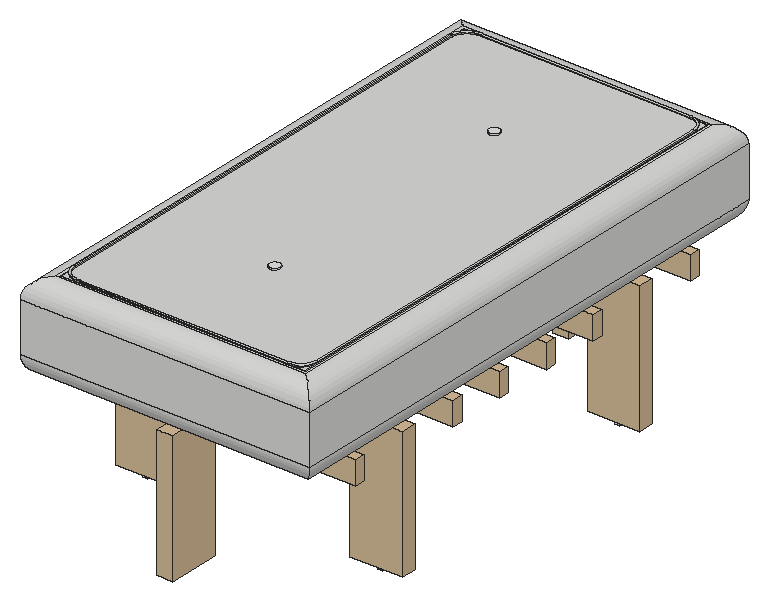
Revit family "PUFF M.A. 105CM", category Mobiliário, Revit 2024
Family settings
  Com base no plano de trabalho = Não
  Ativar corte nas vistas = Não
  Sempre na vertical = Sim
  Corte com vazios quando carregada = Não
  Origem da aparência de renderização = Geometria da família
  Compartilhado = Não
  Ponto de cálculo do ambiente = Não
Parameters
  Elevação padrão = 0.0 cm
  Altura = 0.0 cm
Reference planes (cm)
  plane 1 "Centro (Frente/Trás)": y = 0
  plane 2: z = -1
  plane 3 "Centro (Esquerda/Direita)": x = 0
  plane 4: x = -26.5
  plane 5: x = 26.5
  plane 6: y = -32.8452
  plane 7: y = 32.8452
Forms (cm)
  Extrusion 1, solid, material "MADEIRA NATURAL"
    sketch origin (243.403, -1029.6306, -21.7462) x (0, 1, 0) y (-1, 0, 0)
      loop
        line (839.744, 254.3029) -> (829.7206, 254.3029)
        arc (829.7206, 254.3029) -> (829.6796, 252.8029) -> (829.7206, 251.3029) r 27.5
        line (829.7206, 251.3029) -> (839.744, 251.3029)
        arc (839.744, 251.3029) -> (839.6796, 252.8029) -> (839.744, 254.3029) r 17.5
      loop
        arc (924.6166, 254.3029) -> (924.681, 252.8029) -> (924.6166, 251.3029) r 17.5
        line (924.6166, 251.3029) -> (934.64, 251.3029)
        arc (934.64, 251.3029) -> (934.681, 252.8029) -> (934.64, 254.3029) r 27.5
        line (934.64, 254.3029) -> (924.6166, 254.3029)
    from 21.7462 to 46.7462
  Sweep 2, solid, material "Tecido claro"
    path origin (-0.9024, -97.35, 23.5713) x (0, -1, 0) y (1, 0, 0)
      loop
        line (0.9279, 16.0003) -> (0.9279, -32.8) -> (99.3292, -32.8) -> (99.3292, 16.0003) -> (0.9279, 16.0003)
    profile origin (-33.7024, -147.4785, 23.5713) x (-1, 0, 0) y (0, 0, 1)
      loop
        line (-1, 1.4307) -> (-0.4021, 1.4307)
        arc (-0.4021, 1.4307) -> (2.2554, 2.5315) -> (3.3562, 5.189) r 3.7583
        line (3.3562, 5.189) -> (3.3562, 14.6724)
        arc (3.3562, 14.6724) -> (2.2554, 17.3299) -> (-0.4021, 18.4307) r 3.7583
        line (-0.4021, 18.4307) -> (-1, 18.4307) -> (-1, 1.4307)
  Extrusion 3, solid, material "Tecido claro"
    sketch origin (-0.9024, -97.35, 24.48) x (0, -1, 0) y (1, 0, 0)
      loop
        line (1.9279, 15.0003) -> (1.9279, -31.8) -> (98.3292, -31.8) -> (98.3292, 15.0003) -> (1.9279, 15.0003)
    from 0.522 to 17.522
  Extrusion 4, solid
    sketch origin (-9.9021, 0, 1) x (0, 1, 0) y (0, 0, 1)
      loop
        line (-100.0023, -1) -> (-100.1823, -1) -> (-100.5823, -2) -> (-99.4223, -2) -> (-99.8223, -1) -> (-100.0023, -1)
      loop
        line (-194.8983, -1) -> (-195.0783, -1) -> (-195.4783, -2) -> (-194.3183, -2) -> (-194.7183, -1) -> (-194.8983, -1)
    from 0 to 1
  Extrusion 5, solid
    sketch origin (12.5979, 0, 1) x (0, 1, 0) y (0, 0, 1)
      loop
        line (-175.9088, -1) -> (-176.0888, -1) -> (-176.4888, -2) -> (-175.3288, -2) -> (-175.7288, -1) -> (-175.9088, -1)
      loop
        line (-118.9918, -1) -> (-119.1718, -1) -> (-119.5718, -2) -> (-118.4118, -2) -> (-118.8118, -1) -> (-118.9918, -1)
    from 0 to 1
  Extrusion 6, solid
    sketch origin (-32.4021, 0, 1) x (0, 1, 0) y (0, 0, 1)
      loop
        line (-118.9918, -1) -> (-119.1718, -1) -> (-119.5718, -2) -> (-118.4118, -2) -> (-118.8118, -1) -> (-118.9918, -1)
      loop
        line (-175.9088, -1) -> (-176.0888, -1) -> (-176.4888, -2) -> (-175.3288, -2) -> (-175.7288, -1) -> (-175.9088, -1)
    from 0 to 1
  Extrusion 7, solid, material "MADEIRA NATURAL"
    sketch origin (264.2805, -255.1135, -9.2509) x (-1, 0, 0) y (0, 1, 0)
      loop
        line (291.1804, 80.7047) -> (291.1804, 77.7047) -> (301.1804, 77.7047) -> (301.1804, 80.7047) -> (291.1804, 80.7047)
      loop
        line (256.1804, 80.7047) -> (246.1804, 80.7047) -> (246.1804, 77.7047) -> (256.1804, 77.7047) -> (256.1804, 80.7047)
      loop
        line (291.1804, 134.6217) -> (301.1804, 134.6217) -> (301.1804, 137.6217) -> (291.1804, 137.6217) -> (291.1804, 134.6217)
      loop
        line (256.1804, 134.6217) -> (256.1804, 137.6217) -> (246.1804, 137.6217) -> (246.1804, 134.6217) -> (256.1804, 134.6217)
    from -34.2509 to -9.2509
  Extrusion 8, solid, material "MADEIRA NATURAL"
    sketch origin (-31.6507, 362.4054, 20.5) x (0, -1, 0) y (1, 0, 0)
      loop
        line (516.4475, 4.7508) -> (514.4475, 4.7508) -> (514.4475, -5.2492) -> (516.4475, -5.2492) -> (516.4475, 4.7508)
      loop
        line (516.4475, 39.7508) -> (516.4475, 49.7508) -> (514.4475, 49.7508) -> (514.4475, 39.7508) -> (516.4475, 39.7508)
      loop
        line (516.4475, 36.7508) -> (514.4475, 36.7508) -> (514.4475, 7.7508) -> (516.4475, 7.7508) -> (516.4475, 36.7508)
      loop
        line (527.6309, 4.7508) -> (525.6309, 4.7508) -> (525.6309, -5.2492) -> (527.6309, -5.2492) -> (527.6309, 4.7508)
      loop
        line (527.6309, 39.7508) -> (527.6309, 49.7508) -> (525.6309, 49.7508) -> (525.6309, 39.7508) -> (527.6309, 39.7508)
      loop
        line (527.6309, 36.7508) -> (525.6309, 36.7508) -> (525.6309, 7.7508) -> (527.6309, 7.7508) -> (527.6309, 36.7508)
      loop
        line (536.8143, 36.7508) -> (536.8143, 7.7508) -> (539.8143, 7.7508) -> (539.8143, 36.7508) -> (536.8143, 36.7508)
      loop
        line (550.9977, 4.7508) -> (548.9977, 4.7508) -> (548.9977, -5.2492) -> (550.9977, -5.2492) -> (550.9977, 4.7508)
      loop
        line (550.9977, 39.7508) -> (550.9977, 49.7508) -> (548.9977, 49.7508) -> (548.9977, 39.7508) -> (550.9977, 39.7508)
      loop
        line (550.9977, 36.7508) -> (548.9977, 36.7508) -> (548.9977, 7.7508) -> (550.9977, 7.7508) -> (550.9977, 36.7508)
      loop
        line (505.264, 4.7508) -> (503.264, 4.7508) -> (503.264, -5.2492) -> (505.264, -5.2492) -> (505.264, 4.7508)
      loop
        line (505.264, 39.7508) -> (505.264, 49.7508) -> (503.264, 49.7508) -> (503.264, 39.7508) -> (505.264, 39.7508)
      loop
        line (505.264, 36.7508) -> (503.264, 36.7508) -> (503.264, 7.7508) -> (505.264, 7.7508) -> (505.264, 36.7508)
      loop
        line (468.7138, 4.7508) -> (468.7138, -5.2492) -> (470.7138, -5.2492) -> (470.7138, 4.7508) -> (468.7138, 4.7508)
      loop
        line (468.7138, 39.7508) -> (470.7138, 39.7508) -> (470.7138, 49.7508) -> (468.7138, 49.7508) -> (468.7138, 39.7508)
      loop
        line (468.7138, 36.7508) -> (468.7138, 7.7508) -> (470.7138, 7.7508) -> (470.7138, 36.7508) -> (468.7138, 36.7508)
      loop
        line (482.8972, 36.7508) -> (479.8972, 36.7508) -> (479.8972, 7.7508) -> (482.8972, 7.7508) -> (482.8972, 36.7508)
      loop
        line (494.0806, 4.7508) -> (492.0806, 4.7508) -> (492.0806, -5.2492) -> (494.0806, -5.2492) -> (494.0806, 4.7508)
      loop
        line (494.0806, 39.7508) -> (494.0806, 49.7508) -> (492.0806, 49.7508) -> (492.0806, 39.7508) -> (494.0806, 39.7508)
      loop
        line (494.0806, 36.7508) -> (492.0806, 36.7508) -> (492.0806, 7.7508) -> (494.0806, 7.7508) -> (494.0806, 36.7508)
    from 4.5 to 0
  Extrusion 9, solid, material "MADEIRA NATURAL"
    sketch origin (38.2839, -872.2662, -19.4346) x (0, 1, 0) y (-1, 0, 0)
      loop
        line (683.6739, 30.1837) -> (765.9578, 30.1837) -> (765.9578, 33.1837) -> (683.6739, 33.1837) -> (683.6739, 30.1837)
      loop
        line (683.6739, 65.1837) -> (683.6739, 62.1837) -> (765.9578, 62.1837) -> (765.9578, 65.1837) -> (683.6739, 65.1837)
      loop
        line (683.6739, 49.1837) -> (682.3796, 49.1837)
        arc (682.3796, 49.1837) -> (682.3152, 47.6837) -> (682.3796, 46.1837) r 17.5
        line (682.3796, 46.1837) -> (683.6739, 46.1837) -> (683.6739, 49.1837)
      loop
        line (765.9578, 49.1837) -> (765.9578, 46.1837) -> (767.2508, 46.1837)
        arc (767.2508, 46.1837) -> (767.3152, 47.6837) -> (767.2508, 49.1837) r 17.5
        line (767.2508, 49.1837) -> (765.9578, 49.1837)
      loop
        line (685.6739, 46.1837) -> (694.8573, 46.1837) -> (694.8573, 49.1837) -> (685.6739, 49.1837) -> (685.6739, 46.1837)
      loop
        line (697.8573, 46.1837) -> (707.0408, 46.1837) -> (707.0408, 49.1837) -> (697.8573, 49.1837) -> (697.8573, 46.1837)
      loop
        line (709.0408, 46.1837) -> (718.2242, 46.1837) -> (718.2242, 49.1837) -> (709.0408, 49.1837) -> (709.0408, 46.1837)
      loop
        line (720.2242, 46.1837) -> (729.4076, 46.1837) -> (729.4076, 49.1837) -> (720.2242, 49.1837) -> (720.2242, 46.1837)
      loop
        line (731.4076, 46.1837) -> (740.591, 46.1837) -> (740.591, 49.1837) -> (731.4076, 49.1837) -> (731.4076, 46.1837)
      loop
        line (742.591, 46.1837) -> (751.7744, 46.1837) -> (751.7744, 49.1837) -> (742.591, 49.1837) -> (742.591, 46.1837)
      loop
        line (754.7744, 46.1837) -> (763.9578, 46.1837) -> (763.9578, 49.1837) -> (754.7744, 49.1837) -> (754.7744, 46.1837)
    from 39.43 to 44.4346
  Sweep 10, solid, material "Tecido claro"
    path origin (-0.9368, -114.208, 42.1483) x (0, -1, 0) y (1, 0, 0)
      loop
        arc (-11.9721, 14.7503) -> (-14.0934, 13.8716) -> (-14.9721, 11.7503) r 3
        line (-14.9721, 11.7503) -> (-14.9721, -28.75)
        arc (-14.9721, -28.75) -> (-14.0934, -30.8713) -> (-11.9721, -31.75) r 3
        line (-11.9721, -31.75) -> (78.3679, -31.75)
        arc (78.3679, -31.75) -> (80.4892, -30.8713) -> (81.3679, -28.75) r 3
        line (81.3679, -28.75) -> (81.3679, 11.7503)
        arc (81.3679, 11.7503) -> (80.4892, 13.8716) -> (78.3679, 14.7503) r 3
        line (78.3679, 14.7503) -> (-11.9721, 14.7503)
    profile origin (-32.6868, -147.4059, 42.1483) x (-1, 0, 0) y (0, 0, 1)
      loop
        circle (0, 0) r 0.16
  Extrusion 11, solid, material "ESTOFADO"
    sketch origin (-386.091, -231.2341, 37.699) x (1, 0, 0) y (0, 1, 0)
      loop
        circle (376.8149, 110.0624) r 1
      loop
        circle (376.8149, 57.4487) r 1
    from 4.4431 to 4.6083
Cuts and joins
  joined: Extrusion 1, Extrusion 9
Dimensions and locks (cm)
  equal spacing: plane 6, plane 1 "Centro (Frente/Trás)", plane 7
  equal spacing: plane 4, plane 3 "Centro (Esquerda/Direita)", plane 5
  Extrusion 3 to Sweep 2 to level = 17.0 cm, 26.002 cm
  aligned and locked: level to plane 2
Automatic sketch dimensions
  Extrusion 1 sketch curve to Extrusion 1 sketch curve = 0.0 cm  (x6)
  Extrusion 1 sketch curve to plane 3 "Centro (Esquerda/Direita)" = 10.8999 cm
  plane 6 to Extrusion 1 sketch curve = 167.0649 cm
  Extrusion 1 sketch curve to Extrusion 1 sketch curve = 10.0235 cm  (x2)
  Extrusion 1 sketch curve to Extrusion 1 sketch curve = 17.4356 cm  (x2)
  Extrusion 1 sketch curve to plane 3 "Centro (Esquerda/Direita)" = 9.3999 cm
  Extrusion 1 sketch curve to Extrusion 1 sketch curve = 50.0013 cm
  Extrusion 1 sketch curve to plane 3 "Centro (Esquerda/Direita)" = 7.8999 cm
  Extrusion 1 sketch curve to Extrusion 1 sketch curve = 3.0 cm
  Sweep 2 sketch curve to plane 5 = 11.4021 cm
  plane 6 to Sweep 2 sketch curve = 65.4327 cm
  Sweep 2 sketch curve to plane 4 = 7.2024 cm
  Sweep 2 sketch curve to Sweep 2 sketch curve = 98.4013 cm
  profile plane to Sweep 2 sketch curve = 1.0 cm
  profile plane to Sweep 2 sketch curve = 0.4021 cm  (x2)
  Sweep 2 sketch curve to profile plane = 3.3562 cm
  profile plane to Sweep 2 sketch curve = 1.4307 cm
  Sweep 2 sketch curve to Sweep 2 sketch curve = 9.4834 cm
  Extrusion 3 sketch curve to plane 4 = 6.2024 cm
  plane 6 to Extrusion 3 sketch curve = 66.4327 cm
  Extrusion 3 sketch curve to Extrusion 3 sketch curve = 96.4013 cm
  Extrusion 3 sketch curve to plane 5 = 12.4021 cm
  Extrusion 4 sketch curve to level = 0.0 cm  (x2)
  plane 6 to Extrusion 4 sketch curve = 162.6331 cm
  level to Extrusion 4 sketch curve = 1.0 cm  (x2)
  Extrusion 4 sketch curve to Extrusion 4 sketch curve = 0.4 cm  (x4)
  Extrusion 4 sketch curve to Extrusion 4 sketch curve = 0.18 cm  (x4)
  plane 6 to Extrusion 4 sketch curve = 67.7372 cm
  Extrusion 5 sketch curve to level = 0.0 cm  (x2)
  plane 6 to Extrusion 5 sketch curve = 143.6437 cm
  Extrusion 5 sketch curve to Extrusion 5 sketch curve = 0.4 cm  (x4)
  Extrusion 5 sketch curve to Extrusion 5 sketch curve = 0.18 cm  (x4)
  level to Extrusion 5 sketch curve = 1.0 cm  (x2)
  Extrusion 5 sketch curve to Extrusion 5 sketch curve = 55.7571 cm
  Extrusion 6 sketch curve to level = 0.0 cm  (x2)
  plane 6 to Extrusion 6 sketch curve = 143.6437 cm
  level to Extrusion 6 sketch curve = 1.0 cm  (x2)
  Extrusion 6 sketch curve to Extrusion 6 sketch curve = 0.4 cm  (x4)
  Extrusion 6 sketch curve to Extrusion 6 sketch curve = 0.18 cm  (x4)
  Extrusion 6 sketch curve to Extrusion 6 sketch curve = 55.7571 cm
  Extrusion 7 sketch curve to plane 5 = 8.3999 cm  (x2)
  plane 3 "Centro (Esquerda/Direita)" to Extrusion 7 sketch curve = 8.1001 cm  (x2)
  Extrusion 7 sketch curve to plane 4 = 0.3999 cm  (x2)
  Extrusion 7 sketch curve to Extrusion 7 sketch curve = 10.0 cm  (x2)
  plane 6 to Extrusion 7 sketch curve = 84.6466 cm
  Extrusion 7 sketch curve to Extrusion 7 sketch curve = 0.0 cm  (x2)
  Extrusion 7 sketch curve to Extrusion 7 sketch curve = 3.0 cm  (x4)
  Extrusion 7 sketch curve to Extrusion 7 sketch curve = 53.9171 cm
  plane 3 "Centro (Esquerda/Direita)" to Extrusion 8 sketch curve = 5.1001 cm  (x8)
  plane 6 to Extrusion 8 sketch curve = 73.4632 cm
  Extrusion 8 sketch curve to plane 4 = 0.3999 cm  (x6)
  Extrusion 8 sketch curve to Extrusion 8 sketch curve = 0.0 cm  (x11)
  Extrusion 8 sketch curve to Extrusion 8 sketch curve = 2.0 cm  (x18)
  plane 4 to Extrusion 8 sketch curve = 2.6001 cm  (x8)
  Extrusion 8 sketch curve to Extrusion 8 sketch curve = 9.1834 cm  (x10)
  Extrusion 8 sketch curve to Extrusion 8 sketch curve = 3.0 cm  (x8)
  Extrusion 8 sketch curve to Extrusion 8 sketch curve = 10.0 cm  (x4)
  Extrusion 8 sketch curve to plane 5 = 8.3999 cm  (x6)
  Extrusion 9 sketch curve to plane 3 "Centro (Esquerda/Direita)" = 10.8999 cm
  plane 6 to Extrusion 9 sketch curve = 157.0414 cm
  Extrusion 9 sketch curve to Extrusion 9 sketch curve = 0.0 cm  (x12)
  Extrusion 9 sketch curve to Extrusion 9 sketch curve = 1.2943 cm
  Extrusion 9 sketch curve to plane 4 = 0.3999 cm
  plane 3 "Centro (Esquerda/Direita)" to Extrusion 9 sketch curve = 5.1001 cm
  Extrusion 9 sketch curve to Extrusion 9 sketch curve = 2.0 cm  (x7)
  Extrusion 9 sketch curve to Extrusion 9 sketch curve = 9.1834 cm  (x5)
  Extrusion 9 sketch curve to Extrusion 9 sketch curve = 3.0 cm  (x6)
  Extrusion 9 sketch curve to Extrusion 9 sketch curve = 1.9579 cm
  Extrusion 9 sketch curve to Extrusion 9 sketch curve = 7.2255 cm
  Extrusion 9 sketch curve to Extrusion 9 sketch curve = 7.2242 cm
  Extrusion 9 sketch curve to Extrusion 9 sketch curve = 1.9592 cm
  Extrusion 9 sketch curve to Extrusion 9 sketch curve = 1.293 cm  (x2)
  Extrusion 9 sketch curve to plane 3 "Centro (Esquerda/Direita)" = 7.8999 cm  (x4)
  Extrusion 9 sketch curve to Extrusion 9 sketch curve = 1.5 cm  (x2)
  plane 4 to Extrusion 9 sketch curve = 2.6001 cm
  plane 3 "Centro (Esquerda/Direita)" to Sweep 10 sketch curve = 10.8134 cm  (x2)
  plane 6 to Sweep 10 sketch curve = 66.3908 cm
  Sweep 10 sketch curve to Sweep 10 sketch curve = 3.0 cm  (x3)
  Sweep 10 sketch curve to Sweep 10 sketch curve = 90.34 cm
  Sweep 10 sketch curve to plane 4 = 3.1868 cm
  Sweep 10 sketch curve to profile plane = 0.0 cm  (x2)
  Extrusion 11 sketch curve to plane 3 "Centro (Esquerda/Direita)" = 9.2762 cm  (x2)
  plane 6 to Extrusion 11 sketch curve = 140.9402 cm
  Extrusion 11 sketch curve to Extrusion 11 sketch curve = 52.6137 cm
  radius of Sweep 10 sketch curve = 0.16 cm
  radius of Extrusion 11 sketch curve = 1.0 cm  (x2)
